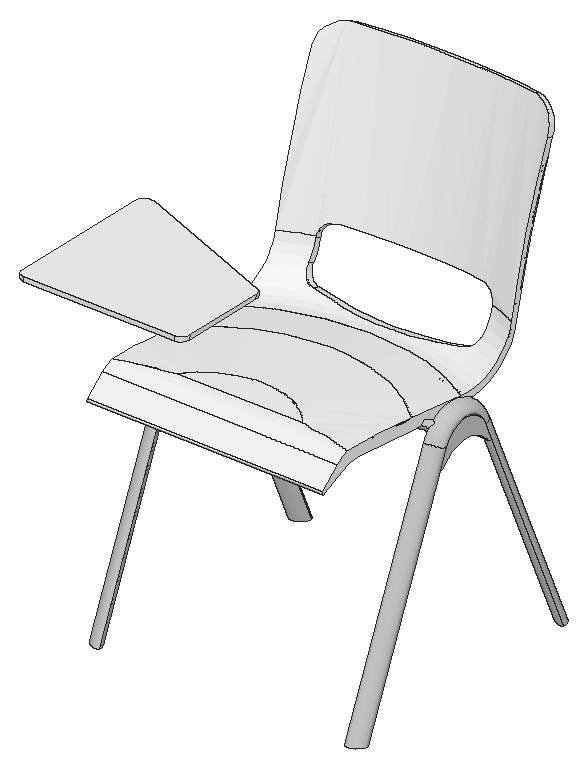
Revit family "FU_Sandler_V-Stack 1.0_20190806_2", category Furniture, Revit 2017
Family settings
  OmniClass Number = 23.40.20.00
  OmniClass Title = General Furniture and Specialties
  Work Plane-Based = No
  Always vertical = Yes
  Cut with Voids When Loaded = No
  Shared = No
  Room Calculation Point = No
Reference planes
  plane 1 "Center (Front/Back)": y = 0
  plane 2: z = 0
  plane 3 "Center (Left/Right)": x = 0
  plane 4 "L": x = -255
  plane 5: x = 255
  plane 6: y = 275
  plane 7: y = -275
  plane 8: z = 455
  plane 9: x = -162.344
  plane 10 "T": z = 820
  plane 11: x = -347.656
  plane 12: x = 347.656
  plane 13 "N": through (0, 304.197, 883.763) normal (0, -0.9486, 0.3166)
  plane 14: y = -314.8
  plane 15: through (-44.07, -164.681, 1200) normal (-0.3963, -0.9181, 0)
  plane 16 "CP": y = -183.705
  plane 17 "Khung": through (0, -24.013, 437.551) normal (0, 0.0948, 0.9955)
  plane 18: z = 637.5
Forms (mm)
  Sweep 1, solid, material "Frame"
    path origin (-255, 0, 0) x (0, 1, 0) y (0, 0, 1)
      loop
        line (230.669, 0) -> (47.152, 422.036)
        arc (47.152, 422.036) -> (-17.081, 464.123) -> (-81.267, 421.965) r 70
        line (-81.267, 421.965) -> (-264.194, 0)
    profile origin (-255, 138.91, 211.018) x (0, -0.917052, -0.398768) y (1, 0, 0)
      loop
        spline (18.796, 0.566) -> (20.316, 2.178) -> (21.147, 4.599) -> (21.234, 7.665) -> (20.57, 11.166) -> (19.201, 14.865) -> (17.22, 18.509) -> (14.761, 21.85) -> (11.994, 24.66) -> (9.105, 26.748) -> (6.292, 27.971) -> (3.747, 28.246) -> (1.644, 27.554)
        spline (1.644, 27.554) -> (0.124, 25.943) -> (-0.707, 23.522) -> (-0.794, 20.456) -> (-0.13, 16.954) -> (1.239, 13.255) -> (3.22, 9.611) -> (5.678, 6.27) -> (8.446, 3.46) -> (11.335, 1.373) -> (14.147, 0.15) -> (16.692, -0.125) -> (18.796, 0.566)
  Sweep 2, solid, material "Frame"
    path origin (255, 0, 0) x (0, 1, 0) y (0, 0, -1)
      loop
        line (230.669, 0) -> (47.152, -422.036)
        arc (47.152, -422.036) -> (-17.081, -464.123) -> (-81.267, -421.965) r 70
        line (-81.267, -421.965) -> (-264.194, 0)
    profile origin (255, 138.91, 211.018) x (0, 0.917052, 0.398768) y (-1, 0, 0)
      loop
        spline (-18.796, 0.566) -> (-16.692, -0.125) -> (-14.147, 0.15) -> (-11.335, 1.373) -> (-8.446, 3.46) -> (-5.678, 6.27) -> (-3.22, 9.611) -> (-1.239, 13.255) -> (0.13, 16.954) -> (0.794, 20.456) -> (0.707, 23.522) -> (-0.124, 25.943) -> (-1.644, 27.554)
        spline (-1.644, 27.554) -> (-3.747, 28.246) -> (-6.292, 27.971) -> (-9.105, 26.748) -> (-11.994, 24.66) -> (-14.761, 21.85) -> (-17.22, 18.509) -> (-19.201, 14.865) -> (-20.57, 11.166) -> (-21.234, 7.665) -> (-21.147, 4.599) -> (-20.316, 2.178) -> (-18.796, 0.566)
  Extrusion 3, solid, material "Frame"
    sketch origin (-255, 0, 0) x (0, 1, 0) y (0, 0, 1)
      loop
        arc (33.933, 385.572) -> (37.367, 382.937) -> (41.593, 382) r 10
        line (41.593, 382) -> (43.12, 382) -> (26.051, 420.338)
        arc (26.051, 420.338) -> (-17.799, 448.814) -> (-61.649, 420.338) r 48
        line (-61.649, 420.338) -> (-78.718, 382) -> (-76.134, 382)
        arc (-76.134, 382) -> (-71.908, 382.937) -> (-68.474, 385.572) r 10
        arc (-68.474, 385.572) -> (-17.271, 409.446) -> (33.933, 385.572) r 66.846
    from 1.049 to 20.25
  Extrusion 4, solid, material "Frame"
    sketch origin (255, 0, 0) x (0, 1, 0) y (0, 0, -1)
      loop
        arc (33.933, -385.572) -> (-17.271, -409.446) -> (-68.474, -385.572) r 66.846
        arc (-68.474, -385.572) -> (-71.908, -382.937) -> (-76.134, -382) r 10
        line (-76.134, -382) -> (-78.718, -382) -> (-61.649, -420.338)
        arc (-61.649, -420.338) -> (-17.799, -448.814) -> (26.051, -420.338) r 48
        line (26.051, -420.338) -> (43.12, -382) -> (41.593, -382)
        arc (41.593, -382) -> (37.367, -382.937) -> (33.933, -385.572) r 10
    from 1.049 to 20.25
  Extrusion 5, solid, material "Seat"
    sketch origin (-255, 0, 17.5) x (0, 1, 0) y (0, 0, 1)
      loop
        arc (-222.301, 459.842) -> (-244.849, 455.866) -> (-264.677, 444.418) r 65.926
        line (-264.677, 444.418) -> (-299.726, 415.008)
        arc (-299.726, 415.008) -> (-300.366, 410.946) -> (-296.429, 409.755) r 3.131
        line (-296.429, 409.755) -> (-255.747, 428.064)
        arc (-255.747, 428.064) -> (-233.058, 434.919) -> (-209.37, 435.737) r 91.803
        line (-209.37, 435.737) -> (182.415, 398.431)
        arc (182.415, 398.431) -> (222.927, 608.925) -> (290.501, 812.352) r 1642.808
        line (290.501, 812.352) -> (247.369, 816.126)
        arc (247.369, 816.126) -> (224.433, 810.513) -> (209.654, 792.098) r 36.73
        line (209.654, 792.098) -> (105.486, 505.9)
        arc (105.486, 505.9) -> (79.858, 472.501) -> (39.708, 459.842) r 70
        line (39.708, 459.842) -> (-222.301, 459.842)
    from 35.765 to 470.724
  Sweep 6, void
    path origin (0, 0, 820) x (0, 1, 0) y (-1, 0, 0)
      loop
        spline (0, 513.406) -> (79.938, 451.385) -> (148.571, 376.959) -> (204.013, 292.175) -> (244.739, 199.361) -> (269.631, 101.069) -> (278.006, 0) -> (269.631, -101.069) -> (244.739, -199.361) -> (204.013, -292.175) -> (148.571, -376.959) -> (79.938, -451.385) -> (0, -513.406)
    profile origin (0, 278.006, 820) x (0, 1, 0) y (0, 0, 1)
      loop
        arc (39.423, 78.238) -> (-34.108, -108.113) -> (-84.483, -302.01) r 1647.808
        arc (-84.483, -302.01) -> (-120.921, -361.493) -> (-187.382, -382.682) r 100
        line (-187.382, -382.682) -> (-300.906, -377.269) -> (-300.906, -702.569) -> (249.423, -702.569) -> (249.423, 78.238) -> (39.423, 78.238)
  Extrusion 7, void
    sketch origin (0, 8.282, -2.764) x (0, 0.316619, 0.948553) y (-1, 0, 0)
      loop
        line (542.149, 162.821) -> (504.617, 162.821)
        arc (504.617, 162.821) -> (485.553, 155.986) -> (475.177, 138.594) r 30
        arc (475.177, 138.594) -> (461.685, -0.328) -> (475.177, -139.25) r 721.929
        arc (475.177, -139.25) -> (485.553, -156.641) -> (504.617, -163.477) r 30
        line (504.617, -163.477) -> (542.149, -163.477)
        arc (542.149, -163.477) -> (563.363, -154.69) -> (572.149, -133.477) r 30
        line (572.149, -133.477) -> (572.149, 132.821)
        arc (572.149, 132.821) -> (563.363, 154.034) -> (542.149, 162.821) r 30
      loop
        line (869.476, 169.235) -> (869.476, -165.724)
        arc (869.476, -165.724) -> (854.831, -201.079) -> (819.476, -215.724) r 50
        line (819.476, -215.724) -> (819.476, -289.235) -> (934.476, -289.235) -> (934.476, 289.235) -> (819.476, 289.235) -> (819.476, 219.235)
        arc (819.476, 219.235) -> (854.831, 204.591) -> (869.476, 169.235) r 50
    from -62.672 to 250
  Revolve 8, void
    sketch origin (0, 0, 0) x (0, 1, 0) y (0, 0, 1)
      loop
        arc (83.637, 450.539) -> (149.337, 465.706) -> (186.062, 522.256) r 90
        arc (186.062, 522.256) -> (236.731, 718.098) -> (310.918, 906.294) r 1654.808
        line (310.918, 906.294) -> (-314.8, 906.294) -> (-314.8, 477.342) -> (-165.865, 477.342)
        arc (-165.865, 477.342) -> (-85.837, 474.197) -> (-6.302, 464.784) r 1020
        line (-6.302, 464.784) -> (83.637, 450.539)
      axis (-314.8, 450.539) -> (-314.8, 906.294)
    angle from -90 to 90
  Extrusion 9, void
    sketch origin (0, 0, 0) x (0, 1, 0) y (0, 0, 1)
      loop
        line (275, 0) -> (-314.8, 0) -> (-314.8, -144.145) -> (275, -144.145) -> (275, 0)
    from -375.818 to 309.266
  Sweep 10, solid, material "Frame"
    path in 3D
      loop
        arc (-347.656, -27.591, 437.892) -> (0, 74.362, 428.184) -> (347.656, -27.591, 437.892) r 641.282
    profile origin (0, 74.362, 428.184) x (0, 0.995497, -0.094792) y (0, 0.094792, 0.995497)
      loop
        circle (0, 0) r 8
  Sweep 11, solid, material "Frame"
    path in 3D
      loop
        arc (-347.656, -0.626, 435.086) -> (0, -102.579, 444.794) -> (347.656, -0.626, 435.086) r 641.282
    profile origin (0, -102.579, 444.794) x (0, 0.995497, -0.094792) y (0, 0.094792, 0.995497)
      loop
        circle (0, 0) r 8
  Extrusion 12, void
    sketch origin (0, 0, 0) x (1, 0, 0) y (0, 1, 0)
      loop
        line (-478.903, 275) -> (-478.903, -314.8) -> (-234.75, -314.8) -> (-234.75, 275) -> (-478.903, 275)
      loop
        line (529.036, 275) -> (234.75, 275) -> (234.75, -314.8) -> (529.036, -314.8) -> (529.036, 275)
    from 0 to 488.608
  Sweep 13, solid, material "Frame"
    path origin (-255, 0, 0) x (0, 1, 0) y (0, 0, 1)
      loop
        line (-16.238, 426.694) -> (-144.265, 623.839)
        arc (-144.265, 623.839) -> (-155.11, 633.865) -> (-169.425, 637.5) r 30
        line (-169.425, 637.5) -> (-265.136, 637.5)
    profile origin (-255, -217.281, 637.5) x (0, 0, -1) y (1, 0, 0)
      loop
        circle (0, -13) r 8
  Extrusion 14, solid, material "Frame"
    sketch origin (-255, 0, 0) x (0, 1, 0) y (0, 0, 1)
      loop
        circle (-16.238, 426.694) r 12.887
    from -30 to 0
  Extrusion 15, solid, material "Seat"
    sketch origin (0, 378.983, 637.5) x (0, 1, 0) y (-1, 0, 0)
      loop
        line (-486.796, 285) -> (-747.445, 285)
        arc (-747.445, 285) -> (-758.759, 280.314) -> (-763.445, 269) r 16
        line (-763.445, 269) -> (-763.445, -9)
        arc (-763.445, -9) -> (-758.759, -20.314) -> (-747.445, -25) r 16
        line (-747.445, -25) -> (-594.409, -25)
        arc (-594.409, -25) -> (-585.365, -22.199) -> (-579.488, -14.776) r 16
        line (-579.488, -14.776) -> (-471.875, 263.224)
        arc (-471.875, 263.224) -> (-473.597, 278.044) -> (-486.796, 285) r 16
    from 10 to 17
  Extrusion 16, solid, material "Frame"
    sketch origin (0, 0, 0) x (1, 0, 0) y (0, 0, 1)
      loop
        arc (-268, 627.5) -> (-260.929, 630.429) -> (-258, 637.5) r 10
        line (-258, 637.5) -> (-258, 647.5) -> (-278, 647.5) -> (-278, 637.5)
        arc (-278, 637.5) -> (-275.071, 630.429) -> (-268, 627.5) r 10
    from 199.481 to 250
Cuts and joins
  Sweep 6, Extrusion 7, Revolve 8 cuts Extrusion 5
  Extrusion 9 cuts Sweep 1
  Extrusion 9 cuts Sweep 2
  Extrusion 12 cuts Sweep 10
  Extrusion 12 cuts Sweep 11
  joined: Sweep 1, Sweep 2, Sweep 10, Sweep 11
  joined: Sweep 13, Extrusion 14, Extrusion 16
Lines and regions (mm)
  reference lines
    curve 1: arc (-347.656, -27.591, 437.892) -> (0, 74.362, 428.184) -> (347.656, -27.591, 437.892) r 641.282
  sketch lines
    curve 2: arc (-347.656, -27.591, 437.892) -> (0, 74.362, 428.184) -> (347.656, -27.591, 437.892) r 641.282
    curve 3: arc (-347.656, -0.626, 435.086) -> (0, -102.579, 444.794) -> (347.656, -0.626, 435.086) r 641.282
Dimensions and locks
  plane 10 "T" to level = 820 mm
  equal spacing: plane 11, plane 3 "Center (Left/Right)", plane 12
  equal spacing: plane 10 "T", plane 18, plane 8
  aligned and locked: level to plane 2
Automatic sketch dimensions
  Sweep 1 sketch curve to level = 0 mm  (x2)
  Sweep 1 sketch curve to plane 8 = 33.035 mm
  plane 1 "Center (Front/Back)" to Sweep 1 sketch curve = 81.267 mm
  plane 1 "Center (Front/Back)" to Sweep 1 sketch curve = 17.042 mm
  Sweep 1 sketch curve to plane 8 = 32.964 mm
  Sweep 1 sketch curve to plane 1 "Center (Front/Back)" = 47.152 mm
  Sweep 1 sketch curve to plane 7 = 10.806 mm
  Sweep 1 sketch curve to plane 6 = 44.331 mm
  Sweep 1 sketch curve to profile plane = 10.22 mm
  plane 4 "L" to Sweep 1 sketch curve = 0.566 mm
  Sweep 1 sketch curve to Sweep 1 sketch curve = 8.576 mm
  Sweep 2 sketch curve to level = 0 mm  (x2)
  Sweep 2 sketch curve to plane 8 = 33.035 mm
  plane 1 "Center (Front/Back)" to Sweep 2 sketch curve = 81.267 mm
  plane 1 "Center (Front/Back)" to Sweep 2 sketch curve = 17.042 mm
  Sweep 2 sketch curve to plane 8 = 32.964 mm
  Sweep 2 sketch curve to plane 1 "Center (Front/Back)" = 47.152 mm
  Sweep 2 sketch curve to plane 7 = 10.806 mm
  Sweep 2 sketch curve to plane 6 = 44.331 mm
  profile plane to Sweep 2 sketch curve = 0.566 mm
  profile plane to Sweep 2 sketch curve = 18.796 mm
  profile plane to Sweep 2 sketch curve = 10.22 mm
  plane 1 "Center (Front/Back)" to Extrusion 3 sketch curve = 78.718 mm
  Extrusion 3 sketch curve to Extrusion 3 sketch curve = 2.584 mm
  Extrusion 3 sketch curve to Extrusion 3 sketch curve = 14.485 mm
  plane 1 "Center (Front/Back)" to Extrusion 3 sketch curve = 17.799 mm
  plane 1 "Center (Front/Back)" to Extrusion 3 sketch curve = 17.271 mm
  Extrusion 3 sketch curve to plane 1 "Center (Front/Back)" = 26.051 mm
  Extrusion 3 sketch curve to Extrusion 3 sketch curve = 15.541 mm
  Extrusion 3 sketch curve to Extrusion 3 sketch curve = 1.528 mm
  Extrusion 3 sketch curve to plane 8 = 112.4 mm
  Extrusion 3 sketch curve to Extrusion 3 sketch curve = 39.4 mm  (x2)
  Extrusion 3 sketch curve to Extrusion 3 sketch curve = 10 mm  (x2)
  Extrusion 3 sketch curve to Extrusion 3 sketch curve = 15.243 mm
  Extrusion 3 sketch curve to Extrusion 3 sketch curve = 28.338 mm
  Extrusion 3 sketch curve to Extrusion 3 sketch curve = 0 mm
  plane 1 "Center (Front/Back)" to Extrusion 4 sketch curve = 78.718 mm
  Extrusion 4 sketch curve to Extrusion 4 sketch curve = 2.584 mm
  Extrusion 4 sketch curve to Extrusion 4 sketch curve = 14.485 mm
  plane 1 "Center (Front/Back)" to Extrusion 4 sketch curve = 17.799 mm
  plane 1 "Center (Front/Back)" to Extrusion 4 sketch curve = 17.271 mm
  Extrusion 4 sketch curve to plane 1 "Center (Front/Back)" = 26.051 mm
  Extrusion 4 sketch curve to Extrusion 4 sketch curve = 15.541 mm
  Extrusion 4 sketch curve to Extrusion 4 sketch curve = 1.528 mm
  Extrusion 4 sketch curve to plane 8 = 34.662 mm
  Extrusion 4 sketch curve to Extrusion 4 sketch curve = 19.523 mm
  Extrusion 4 sketch curve to Extrusion 4 sketch curve = 28.338 mm  (x2)
  Extrusion 4 sketch curve to Extrusion 4 sketch curve = 10 mm  (x2)
  Extrusion 4 sketch curve to Extrusion 4 sketch curve = 58.214 mm
  Extrusion 4 sketch curve to Extrusion 4 sketch curve = 0 mm
  plane 7 to Extrusion 5 sketch curve = 24.726 mm
  plane 7 to Extrusion 5 sketch curve = 22.714 mm
  Extrusion 5 sketch curve to Extrusion 5 sketch curve = 1.285 mm
  Extrusion 5 sketch curve to plane 7 = 10.323 mm
  Extrusion 5 sketch curve to Extrusion 5 sketch curve = 8.93 mm
  Extrusion 5 sketch curve to plane 7 = 52.699 mm
  Extrusion 5 sketch curve to Extrusion 5 sketch curve = 4.229 mm
  Extrusion 5 sketch curve to plane 8 = 1.763 mm
  Extrusion 5 sketch curve to Extrusion 5 sketch curve = 12.931 mm
  Extrusion 5 sketch curve to plane 1 "Center (Front/Back)" = 39.708 mm
  plane 8 to Extrusion 5 sketch curve = 68.4 mm
  Extrusion 5 sketch curve to Extrusion 5 sketch curve = 65.778 mm
  Extrusion 5 sketch curve to plane 6 = 92.585 mm
  Extrusion 5 sketch curve to plane 10 "T" = 10.402 mm
  Extrusion 5 sketch curve to plane 6 = 30.832 mm
  plane 10 "T" to Extrusion 5 sketch curve = 13.626 mm
  plane 10 "T" to Extrusion 5 sketch curve = 9.852 mm
  plane 6 to Extrusion 5 sketch curve = 15.501 mm
  level to Extrusion 5 sketch curve = 211.362 mm
  plane 6 to Extrusion 5 sketch curve = 1537.436 mm
  Extrusion 5 sketch curve to Extrusion 5 sketch curve = 91.39 mm
  Extrusion 5 sketch curve to Extrusion 5 sketch curve = 49.568 mm
  Extrusion 5 sketch curve to Extrusion 5 sketch curve = 18.309 mm
  Extrusion 5 sketch curve to Extrusion 5 sketch curve = 2.855 mm
  plane 8 to Extrusion 5 sketch curve = 6.918 mm
  Extrusion 5 sketch curve to Extrusion 5 sketch curve = 34.514 mm
  Extrusion 5 sketch curve to plane 6 = 27.631 mm
  Revolve 8 sketch curve to plane 14 = 0 mm  (x2)
  plane 16 "CP" to Revolve 8 sketch curve = 17.84 mm
  plane 1 "Center (Front/Back)" to Revolve 8 sketch curve = 6.302 mm
  Revolve 8 sketch curve to plane 8 = 4.461 mm
  Revolve 8 sketch curve to plane 1 "Center (Front/Back)" = 83.637 mm
  Revolve 8 sketch curve to Revolve 8 sketch curve = 14.079 mm
  plane 6 to Revolve 8 sketch curve = 35.918 mm
  level to Revolve 8 sketch curve = 206.458 mm
  plane 6 to Revolve 8 sketch curve = 1535.457 mm
  Revolve 8 sketch curve to level = 542.658 mm
  plane 8 to Revolve 8 sketch curve = 9.784 mm
  plane 8 to Revolve 8 sketch curve = 84.431 mm
  plane 10 "T" to Revolve 8 sketch curve = 86.294 mm
  Revolve 8 sketch curve to Revolve 8 sketch curve = 237.858 mm
  Revolve 8 sketch curve to Revolve 8 sketch curve = 1532.106 mm
  Sweep 6 sketch curve to plane 3 "Center (Left/Right)" = 0 mm
  plane 1 "Center (Front/Back)" to Sweep 6 sketch curve = 0 mm  (x2)
  plane 14 to Sweep 6 sketch curve = 16.662 mm
  plane 12 to Sweep 6 sketch curve = 165.75 mm
  Sweep 6 sketch curve to Sweep 6 sketch curve = 98.389 mm
  plane 9 to Extrusion 7 sketch curve = 29.523 mm  (x2)
  plane 5 to Extrusion 7 sketch curve = 91.523 mm
  Extrusion 7 sketch curve to Extrusion 7 sketch curve = 0 mm  (x5)
  Extrusion 7 sketch curve to Extrusion 7 sketch curve = 37.533 mm  (x2)
  Extrusion 7 sketch curve to Extrusion 7 sketch curve = 30 mm  (x2)
  Extrusion 7 sketch curve to plane 5 = 34.235 mm
  plane 4 "L" to Extrusion 7 sketch curve = 35.765 mm
  Extrusion 7 sketch curve to Extrusion 7 sketch curve = 247.326 mm
  Extrusion 7 sketch curve to plane 9 = 6.892 mm
  Extrusion 7 sketch curve to plane 4 "L" = 34.235 mm
  Extrusion 7 sketch curve to Extrusion 7 sketch curve = 115 mm  (x2)
  plane 3 "Center (Left/Right)" to Extrusion 7 sketch curve = 0.328 mm
  Extrusion 7 sketch curve to Extrusion 7 sketch curve = 314.138 mm
  plane 5 to Extrusion 7 sketch curve = 89.276 mm
  Extrusion 7 sketch curve to Extrusion 7 sketch curve = 50 mm
  Extrusion 9 sketch curve to level = 0 mm
  Extrusion 9 sketch curve to plane 14 = 0 mm
  Extrusion 9 sketch curve to plane 6 = 0 mm
  Extrusion 9 sketch curve to level = 144.145 mm
  profile plane to Sweep 6 sketch curve = 300.906 mm
  Sweep 6 sketch curve to Sweep 6 sketch curve = 113.524 mm
  Sweep 6 sketch curve to Sweep 6 sketch curve = 4.763 mm
  Sweep 6 sketch curve to profile plane = 39.423 mm
  plane 10 "T" to Sweep 6 sketch curve = 78.238 mm
  Sweep 6 sketch curve to Sweep 6 sketch curve = 210 mm
  Sweep 6 sketch curve to plane 10 "T" = 618.638 mm
  Sweep 6 sketch curve to Sweep 6 sketch curve = 1283.196 mm
  Sweep 6 sketch curve to plane 10 "T" = 702.569 mm
  Sweep 6 sketch curve to Sweep 6 sketch curve = 319.888 mm
  Sweep 6 sketch curve to Sweep 6 sketch curve = 99.887 mm
  Sweep 6 sketch curve to Sweep 6 sketch curve = 5.413 mm
  curve 1 to plane 3 "Center (Left/Right)" = 0 mm
  curve 1 to plane 12 = 0 mm
  curve 1 to plane 11 = 0 mm
  curve 1 to curve 1 = 538.867 mm
  Sweep 10 sketch curve to profile plane = 0 mm  (x2)
  Sweep 11 sketch curve to profile plane = 0 mm  (x2)
  Extrusion 12 sketch curve to plane 6 = 0 mm  (x2)
  plane 14 to Extrusion 12 sketch curve = 0 mm  (x2)
  plane 11 to Extrusion 12 sketch curve = 131.246 mm
  plane 4 "L" to Extrusion 12 sketch curve = 20.25 mm
  plane 5 to Extrusion 12 sketch curve = 20.25 mm
  plane 12 to Extrusion 12 sketch curve = 181.38 mm
  Sweep 13 sketch curve to plane 18 = 0 mm
  plane 16 "CP" to Sweep 13 sketch curve = 14.28 mm
  Sweep 13 sketch curve to plane 18 = 13.661 mm
  Sweep 13 sketch curve to Sweep 13 sketch curve = 25.16 mm
  Sweep 13 sketch curve to plane 7 = 9.864 mm
  plane 1 "Center (Front/Back)" to Sweep 13 sketch curve = 16.238 mm
  Sweep 13 sketch curve to plane 8 = 28.306 mm
  Sweep 13 sketch curve to plane 4 "L" = 13 mm
  Sweep 13 sketch curve to profile plane = 0 mm
  plane 1 "Center (Front/Back)" to Extrusion 14 sketch curve = 16.238 mm
  Extrusion 14 sketch curve to plane 8 = 28.306 mm
  Extrusion 16 sketch curve to Extrusion 16 sketch curve = 0 mm
  Extrusion 16 sketch curve to plane 18 = 0 mm
  Extrusion 16 sketch curve to plane 4 "L" = 23 mm
  Extrusion 16 sketch curve to Extrusion 16 sketch curve = 10 mm
  plane 18 to Extrusion 16 sketch curve = 10 mm
  Extrusion 15 sketch curve to plane 4 "L" = 14 mm  (x2)
  plane 14 to Extrusion 15 sketch curve = 69.662 mm
  Extrusion 15 sketch curve to Extrusion 15 sketch curve = 16 mm
  Extrusion 15 sketch curve to plane 16 "CP" = 31.721 mm
  Extrusion 15 sketch curve to Extrusion 15 sketch curve = 14.921 mm
  plane 16 "CP" to Extrusion 15 sketch curve = 75.892 mm
  Extrusion 15 sketch curve to plane 4 "L" = 8.224 mm
  plane 3 "Center (Left/Right)" to Extrusion 15 sketch curve = 9 mm  (x2)
  plane 3 "Center (Left/Right)" to Extrusion 15 sketch curve = 14.776 mm
  radius of Sweep 10 sketch curve = 8 mm
  radius of Sweep 11 sketch curve = 8 mm
  radius of Sweep 13 sketch curve = 8 mm
  radius of Extrusion 14 sketch curve = 12.887 mm
